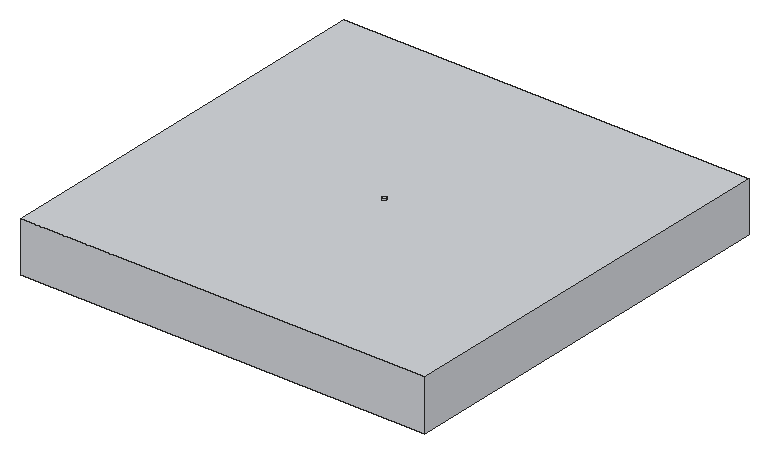
Revit family "M_Equipamento elétrico - Conector da alimentação desequilibrada", category Equipamento elétrico, Revit 2019
Family settings
  Hospedeiro = Face
  Configuração do painel = Duas colunas, circuitos transversais
  Cota do conector redondo = Utilizar diâmetro
  Tipo de parte = Painel de controle
  Número OmniClass = 23.80.30.11.17
  Título OmniClass = Distribution Boards and Control Panels
  ID de item do Seek = Electrical Equipment - Unbalanced Power Connector-0000-CAN-ENU
  Corte com vazios quando carregada = Não
  Compartilhado = Não
  Ponto de cálculo do ambiente = Não
Parameters (values of type "480 V")
  Espessura = 3.2 mm
  Raio = 0.5 * Diâmetro  # 12.7 mm
  Classificação de carga = Outros
  Diâmetro = 25.4 mm
  Elevação-padrão = 1200 mm
  Voltagem do conector = 480 V
  Número de pólos do conector = 3
Types (6, lengths in mm): name | Espessura | Voltagem do conector | Número de pólos do conector
  (no name) | 3.2 | 480 V | 3
  120 V | 3.175 | 120 V | 1
  208 V | 3.175 | 208 V | 3
  277 V | 3.175 | 277 V | 1
  240 V | 3.175 | 240 V | 2
  480 V | 3.2 | 480 V | 3
Reference planes
  plane 1 "Centro (Frente/Trás)": y = 0
  plane 2: z = 0
  plane 3 "Centro (Esquerda/Direita)": x = 0
  plane 4: z = 3.2
Forms (mm)
  Extrusion 1, solid
    sketch origin (0, 0, 0) x (1, 0, 0) y (0, 1, 0)
      loop
        line (-1219.2, 1219.2) -> (-1219.2, -1219.2) -> (1219.2, -1219.2) -> (1219.2, 1219.2) -> (-1219.2, 1219.2)
    from 0 to -304.8
  Extrusion 2, solid
    sketch origin (0, 0, 0) x (1, 0, 0) y (0, 1, 0)
      loop
        circle (0, 0) r 12.7
    from 0 to 3.2
Dimensions and locks
  "Espessura": plane 4 to level
  "Raio": radius of Extrusion 2 sketch curve
  aligned and locked: plane 2 to Extrusion 1
  aligned and locked: level to Extrusion 1
  aligned and locked: plane 4 to Extrusion 2
  aligned and locked: plane 3 "Centro (Esquerda/Direita)" to Extrusion 2 sketch curve
  aligned and locked: plane 1 "Centro (Frente/Trás)" to Extrusion 2 sketch curve
Automatic sketch dimensions
  Extrusion 1 sketch curve to Extrusion 1 sketch curve = 2438.4 mm  (x2)
Connectors
  electrical at (0, 0, 3.2), driven by "Número de pólos do conector", driven by "Voltagem do conector", driven by "Classificação de carga"
    settings: on Extrusion 2, index 1, voltage 480 V, apparent load 0 VA, apparent load phase1 0 VA, apparent load phase2 0 VA, apparent load phase3 0 VA, power factor 1, load classification "Outros", number of poles 3, system type 31, power factor state 1, is connector primary yes, connector utility no, sub classification motor no, connector description ""
